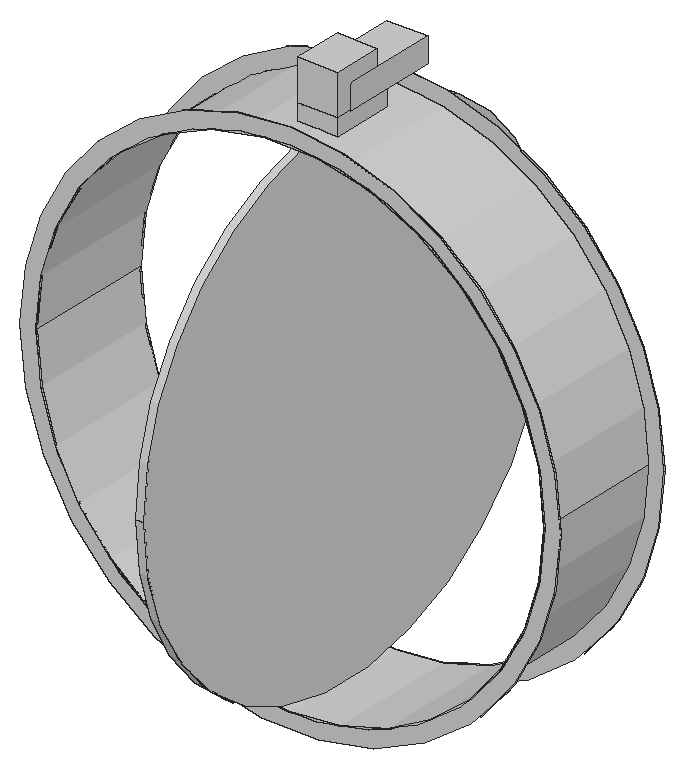
Revit family "НЕВАТОМ_Клапан KPNZ-60(90)-D-F2-04(12)-MN, Версия 2", category Арматура воздуховодов, Revit 2017
Family settings
  Размер круглого соединителя = Использовать диаметр
  Тип детали = Вставляется
  На основе рабочей плоскости = Нет
  Всегда вертикально = Нет
  При загрузке вырезать с полостями = Нет
  Общий = Нет
Parameters (values of type "KPNZ-60(90)-D-F2-04(12)-MN220(24)")
  Ширина привода = 100 mm  # constant formula
  Ширина площадки = 98 mm
  Сравнение приводов [instance] = if(Привод_MN, 1 mm, 0 mm)  # 0 mm
  Сравнение огнестойкости [instance] = if(EI 60, 1 mm, 0 mm)  # 1 mm
  Сравнение напряжения [instance] = if(U24, 1 mm, 0 mm)  # 0 mm
  Сравнение климатических параметров [instance] = if(Климатическое исполнение_04, 1 mm, 0 mm)  # 1 mm
  Привод_MN [instance] = no
  Привод_EM [instance] = and(not(Привод_MN))  # yes
  Климатическое исполнение_12 [instance] = and(not(Климатическое исполнение_04))  # no
  Климатическое исполнение_04 [instance] = yes
  Длина площадки = 150 mm  # constant formula
  Высота привода = 100 mm  # constant formula
  Высота площадки [instance] = (D1 - D канала) / 2  # 39 mm
  a = 0 mm
  U24 [instance] = no
  U220 [instance] = and(not(U24))  # yes
  P = 200 mm  # constant formula
  Nevatom_URL = "https://t.me/NEVATOM_Bim_bot"
  L1 [instance] = L + 2 * a  # 320 mm
  L = 320 mm  # constant formula
  Открыто = yes
  Материал корпуса = Материал корпуса
  Закрыто = and(not(Открыто))  # no
  t = 1.2 mm  # constant formula
  d = 9 mm
  H = 140 mm  # constant formula
  EI 90 [instance] = and(not(EI 60))  # no
  EI 60 [instance] = yes
  Dz [instance] = D - 2 mm  # 1246 mm
  D канала [instance] = 1250 mm
  D [instance] = D канала - 2 mm  # 1248 mm
  D1 [instance] = if(and(not(D > 1000 mm), not(D > 1000 mm)), D + 60 mm, if(and(not(D < 1000 mm), not(D < 1000 mm)), D + 80 mm, 0 mm))  # 1328 mm
  ADSK_Ток = 0 A
  ADSK_Размер_Ширина [instance] = L  # 320 mm
  ADSK_Размер_Длина [instance] = D1  # 1328 mm
  ADSK_Размер_Высота [instance] = D + H  # 1388 mm
  ADSK_Полная мощность = 0 VA
  ADSK_Напряжение [instance] = if(U220, 220 V, 24 V)  # 220 V
  ADSK_Расход воздуха = 0.0 L/s
  ADSK_Примечание = ""
  ADSK_Потеря давления воздуха = 0.0 Pa
  ADSK_Позиция = ""
  ADSK_Наименование [instance] = "Клапан противопожарный нормально закрытый"  # constant formula
  ADSK_Материал наименование = "Оцинкованная сталь"  # constant formula
  ADSK_Масса_Текст = ""
  ADSK_Масса [instance] = size_lookup("НЕВАТОМ_КPNZ-60(90)-D-F2-04-MN", "ADSK_Масса", 0, D канала)  # 66
  ADSK_Марка [instance] = size_lookup("НЕВАТОМ_КPNZ-60(90)-D-F2-04(12)-MN", "", "ошибка типоразмера", D канала, Сравнение огнестойкости, Сравнение приводов, Сравнение напряжения, Сравнение климатических параметров)  # "KPNZ-60-1250-F2-SN-EM-220-04"
  ADSK_Количество = 1  # constant formula
  ADSK_Код изделия = ""
  ADSK_Завод-изготовитель = "НЕВАТОМ"  # constant formula
  ADSK_Единица измерения = "шт."  # constant formula
  D2 [instance] = D1 - 30 mm  # 1298 mm
Reference planes
  plane 1 "По центру (Вперед/Назад)": y = 0
  plane 2: z = 0
  plane 3 "По центру (Влево/Вправо)": x = 0
  plane 4: x = -49
  plane 5: x = 49
  plane 6: z = 624
  plane 7: z = -624
  plane 8: z = 664
  plane 9: z = -664
  plane 10: x = 664
  plane 11: x = -664
  plane 12: y = -160
  plane 13: y = 160
  plane 14: y = 160
  plane 15: y = -160
Forms (mm)
  Extrusion 1, solid, material "Материал корпуса"
    sketch origin (0, 0, 0) x (1, 0, 0) y (0, 0, 1)
      loop
        circle (0, 0) r 624
      loop
        circle (0, 0) r 625
    from -160 to 160
  Extrusion 2, solid, material "Материал корпуса"
    sketch origin (0, 0, 0) x (1, 0, 0) y (0, 0, 1)
      loop
        circle (0, 0) r 664
      loop
        circle (0, 0) r 624
    from 158.8 to 160
  Extrusion 3, solid, material "Материал корпуса"
    sketch origin (0, 0, 0) x (1, 0, 0) y (0, 0, -1)
      loop
        circle (0, 0) r 664
      loop
        circle (0, 0) r 624
    from 158.8 to 160
  Extrusion 4, solid, material "Материал корпуса", visible <- "Закрыто"
    sketch origin (0, 0, 0) x (1, 0, 0) y (0, 0, 1)
      loop
        circle (0, 0) r 624
    from 0 to 19.539
  Extrusion 5, solid, material "Материал корпуса", visible <- "Открыто"
    sketch origin (0, 0, 0) x (0, 1, 0) y (0, 0, 1)
      loop
        circle (0, 0) r 623
    from -10 to 10
  Extrusion 6, solid, material "Материал корпуса"
    sketch origin (0, 0, 0) x (1, 0, 0) y (0, 0, 1)
      loop
        line (-49, 664) -> (-49, 623.076)
        arc (-49, 623.076) -> (0, 625) -> (49, 623.076) r 625
        line (49, 623.076) -> (49, 664) -> (-49, 664)
    from -75 to 75
  Extrusion 7, solid, material "Материал корпуса"
    sketch origin (0, 0, 0) x (1, 0, 0) y (0, 0, 1)
      loop
        line (-49, 764) -> (-49, 664) -> (49, 664) -> (49, 764) -> (-49, 764)
    from -46 to 75
  Extrusion 8, solid, material "Материал корпуса"
    sketch origin (0, 0, 0) x (1, 0, 0) y (0, 0, 1)
      loop
        line (-50, 724) -> (-50, 664) -> (50, 664) -> (50, 724) -> (-50, 724)
    from -200 to 35
Dimensions and locks
  equal spacing: plane 13, plane 1 "По центру (Вперед/Назад)", plane 12
  "L": plane 13 to plane 12
  equal spacing: plane 14, plane 1 "По центру (Вперед/Назад)", plane 15
  "L1": plane 14 to plane 15
  equal spacing: plane 6, level, plane 7
  equal spacing: plane 8, level, plane 9
  "D": plane 6 to plane 7
  "D1": plane 8 to plane 9
  equal spacing: plane 5, plane 3 "По центру (Влево/Вправо)", plane 4  (x2)
  equal spacing: plane 10, plane 3 "По центру (Влево/Вправо)", plane 11
  "D1": plane 10 to plane 11
  "t": plane 13 to Extrusion 3
  "t": Extrusion 2 to plane 12
  locked: Extrusion 4 to plane 1 "По центру (Вперед/Назад)" at 19.539
  equal spacing: Extrusion 5, plane 3 "По центру (Влево/Вправо)", Extrusion 5, locked at 10 each
  equal spacing: Extrusion 6 sketch curve, plane 3 "По центру (Влево/Вправо)", Extrusion 6 sketch curve
  Extrusion 6 sketch curve to Extrusion 6 sketch curve = 98 mm
  Extrusion 6 sketch curve to plane 6 = 40 mm
  equal spacing: Extrusion 6, plane 1 "По центру (Вперед/Назад)", Extrusion 6
  "Длина площадки": Extrusion 6 to Extrusion 6
  equal spacing: Extrusion 7 sketch curve, plane 3 "По центру (Влево/Вправо)", Extrusion 7 sketch curve
  "Ширина площадки": Extrusion 7 sketch curve to Extrusion 7 sketch curve
  "H": Extrusion 7 sketch curve to plane 6
  equal spacing: Extrusion 8 sketch curve, plane 3 "По центру (Влево/Вправо)", Extrusion 8 sketch curve
  "Ширина привода": Extrusion 8 sketch curve to Extrusion 8 sketch curve
  "Высота привода": Extrusion 8 sketch curve to plane 6
  "P": plane 1 "По центру (Вперед/Назад)" to Extrusion 8
  Extrusion 8 to plane 1 "По центру (Вперед/Назад)" = 35 mm
  Extrusion 7 to Extrusion 7 = 121 mm
  "Ширина площадки": plane 5 to plane 4
  "D": diameter of Extrusion 1 sketch curve
  "D канала": diameter of Extrusion 1 sketch curve
  "D1": diameter of Extrusion 2 sketch curve
  "D1": diameter of Extrusion 3 sketch curve
  "D": diameter of Extrusion 4 sketch curve
  "Dz": diameter of Extrusion 5 sketch curve
  aligned and locked: level to plane 2
  aligned and locked: plane 13 to Extrusion 1
  aligned and locked: Extrusion 1 to plane 12
  aligned and locked: Extrusion 2 sketch curve to Extrusion 1
  aligned and locked: plane 13 to Extrusion 3
  aligned and locked: Extrusion 2 to plane 12
  aligned and locked: Extrusion 3 sketch curve to Extrusion 1
  aligned and locked: Extrusion 4 to plane 1 "По центру (Вперед/Назад)"
  aligned and locked: plane 8 to Extrusion 8 sketch curve
  aligned and locked: Extrusion 7 to Extrusion 6
  aligned and locked: Extrusion 6 sketch curve to Extrusion 1
  aligned and locked: plane 5 to Extrusion 6
  aligned and locked: plane 8 to Extrusion 6
Automatic sketch dimensions
  Extrusion 1 sketch curve to Extrusion 1 sketch curve = 0 mm  (x2)
  Extrusion 1 sketch curve to level = 0 mm
  Extrusion 1 sketch curve to plane 3 "По центру (Влево/Вправо)" = 0 mm
  Extrusion 2 sketch curve to Extrusion 2 sketch curve = 0 mm  (x2)
  Extrusion 3 sketch curve to Extrusion 3 sketch curve = 0 mm  (x2)
  Extrusion 4 sketch curve to level = 0 mm
  Extrusion 4 sketch curve to plane 3 "По центру (Влево/Вправо)" = 0 mm
  Extrusion 5 sketch curve to level = 0 mm
  Extrusion 5 sketch curve to plane 1 "По центру (Вперед/Назад)" = 0 mm
  Extrusion 7 sketch curve to plane 8 = 0 mm
Connectors
  hvac at (0, -160, 0), driven by "D канала"
    settings: on Extrusion 2, index 1, duct flow 0.0 L/s, flow factor 0, pres drop 0.0 Pa, loss coef 0, conn angle 0.00°, conn width 304.8 mm, conn height 304.8 mm, conn diameter 1250 mm, duct sys type 28, conn prof type 0, flow config 0, flow direction 0, loss method 0, conn ref index -1, conn util no, is conn primary yes, conn desc ""
  hvac at (0, 158.8, 0), driven by "D канала"
    settings: on Extrusion 3, index 2, duct flow 0.0 L/s, flow factor 0, pres drop 0.0 Pa, loss coef 0, conn angle 0.00°, conn width 304.8 mm, conn height 304.8 mm, conn diameter 1250 mm, duct sys type 28, conn prof type 0, flow config 0, flow direction 0, loss method 0, conn ref index -1, conn util no, is conn primary no, conn desc ""
